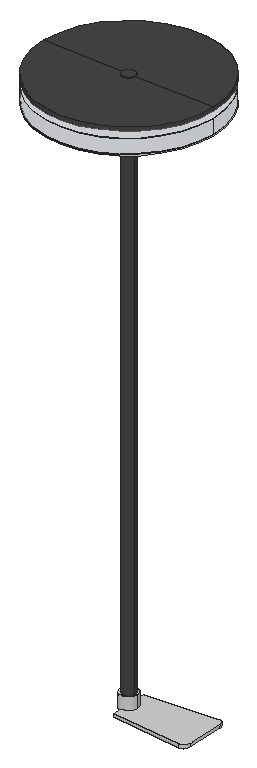
Revit family "Platek_Chiodo Bollard", category Apparecchi per illuminazione, Revit 2017
Family settings
  Quota connettore circolare = Usa diametro
  Tipo di parte = Normale
  Basato su piano di lavoro = No
  Sempre verticale = Sì
  Taglio con vuoti quando caricato = No
  Sorgente d'illuminazione = Sì
  Condiviso = No
  Punto di calcolo locali = No
Parameters (values of type "9402116_12.1W_LED_3000K_H600mm")
  Wattage = 4.44319 W
  Variazione temperatura colore lampada con luminosità attenuata = <Nessuno>
  URL = "www.platek.eu"
  built-in parameter 1150107 = 3000 (stored number, unit not read)
  Supply Voltage Min = 220 V
  Supply Voltage Max = 230 V
  Supply Voltage = 230 V
  Rendi la forma visibile nel rendering = no
  Produttore = "PLATEK SRL"  # constant formula
  Product Page URL = "http://www.platek.eu/ita/catalogo.php?catseaname=chiodo"
  Product Documentation Link = "http://www.platek.eu/ita/catalogo.php?catseaname=chiodo"
  Product Dimension = "D180mm x H600mm"
  Power Supply Unit = "Included"
  Pole = PLK_Pole
  built-in parameter 1150110 = 1 (stored number, unit not read)
  built-in parameter 1150109 = 1 (stored number, unit not read)
  built-in parameter 1114218 = 1 (stored number, unit not read)
  built-in parameter 1150112 = 1 (stored number, unit not read)
  Part of body = PLK_Part of body
  PLATEK FInishes = "Avalaible in black"
  PLATEK Article Code = "9402116"
  Nota chiave = "Plate could fixing on floor; Other Led colors available on request"
  Mounting Type = "Ground"
  Modello = "Chiodo Bollard"  # constant formula
  built-in parameter 1150137 = (empty or 0)
  built-in parameter 1150132 = 2
  Manufacturer Comment = "IP68 Connector excluded to be ordered separately"
  Luminaire Wattage = 12 W
  Luminaire Luminous Intensity = 248 cd
  Luminaire Luminous Flux = 660 lm
  Light Source = PLK_Light Source
  Lampada = "LED"
  LED Protection = "Surge protection included"
  built-in parameter 1150105 = 52.521 (stored number, unit not read)
  built-in parameter 1150102 = (empty or 0)
  Insulation Class = "1"
  Immagine tipo = chiodo_600.jpg
  built-in parameter 1150106 = 0.52521 (stored number, unit not read)
  IP Rating = "IP65"
  IK Rating = "IK 05"
  Height = if(H600, 600 mm, if(H1100, 1100 mm, if(H1700, 1700 mm, 600 mm)))  # 600 mm
  H600 = not(or(H1100, H1700))  # yes
  H1700 = no
  H1100 = no
  Frequency = "50/60 Hz"
  Lumens = 660 lm
  Color Filter = 16777215
  File diagramma fotometrico = "9402116.ies"
  built-in parameter 1114217 = 1 (stored number, unit not read)
  built-in parameter 1150139 = (empty or 0)
  Energy Efficiency Rating = "A/A+/A++"
  Emetti da diametro cerchio = 180 mm  # constant formula
  built-in parameter 1150104 = 13.8 (stored number, unit not read)
  built-in parameter 1150115 = 1 (stored number, unit not read)
  built-in parameter 1150114 = 1 (stored number, unit not read)
  built-in parameter 1150113 = 1 (stored number, unit not read)
  Dimmable = "No"
  Diffuse Type = "Polycarbonate"
  Descrizione = "Outdoor Lighting, ground mounted, garden product"
  Commenti sul tipo = "Suitable for bushes, flower beds, paths, grass"
  Colour Temperature = 3000 K
  built-in parameter 1150134 = (empty or 0)
  built-in parameter 1150138 = (empty or 0)
  Codice assieme = "9402116.01 (Black)"
  Apparent Load = 0 VA
  Cable Lenght = "4,4 (3x1 mm^2)"
  CRI = ">80"
  Body = PLK_Black
  Beam Angle = 95.00°
  Angolo inclinazione = 90.00°
  Aluminium = PLK_Aluminium
  built-in parameter 1150133 = 10 (stored number, unit not read)
Types (3, lengths in mm): name | Product Dimension | PLATEK Article Code | Immagine tipo | Height | H600 | H1700 | H1100 | File diagramma fotometrico | Cable Lenght
  9402116_12.1W_LED_3000K_H600mm | "D180mm x H600mm" | "9402116" | chiodo_600.jpg | 600 | yes | no | no | "9402116.ies" | "4,4 (3x1 mm^2)"
  9402216_12.1W_LED_3000K_H1100mm | "D180mm x H1100mm" | "9402216" | chiodo_1100.jpg | 1100 | no | no | yes | "9402216.ies" | "3,9 (3x1 mm^2)"
  9402316_12.1W_LED_3000K_H1700mm | "D180mm x H1700mm" | "9402316" | chiodo_1700.jpg | 1700 | no | yes | no | "9402316.ies" | "3,3 (3x1 mm^2)"
Reference planes
  plane 1 "Centro (Fronte/Retro)": y = 0
  plane 2: z = 0
  plane 3 "Centro (Sinistra/Destra)": x = 0
  plane 4: z = 600
  plane 5 "LIGHT SOURCE": z = 573
  plane 6: x = 80
  plane 7: y = 20
  plane 8: y = -20
  plane 9: y = 26.5
  plane 10: y = -26.5
  plane 11: x = 74
  plane 12: z = 3
  plane 13: z = 15
  plane 14: x = -9
  plane 15 "2": z = 589
Forms (mm)
  Extrusion 1, solid, material "PLK_Part of body" <- "Part of body", not visible
    sketch origin (0, 0, 0) x (1, 0, 0) y (0, 1, 0)
      loop
        circle (0, 0) r 90
    from 85 to 100
  Revolve 2, solid, material "PLK_Black" <- "Body", not visible
    sketch origin (0, 0, 0) x (1, 0, 0) y (0, 0, 1)
      loop
        line (0, 100) -> (0, 111) -> (-90, 111) -> (-90, 107) -> (-45, 103) -> (-45, 100) -> (0, 100)
      axis (0, 111) -> (0, 100)
    angle from 0 to 360
  Extrusion 3, solid, not visible
    sketch origin (0, 0, 0) x (1, 0, 0) y (0, 1, 0)
      loop
        circle (0, 0) r 90
    from 84 to 85
  Extrusion 4, solid, material "PLK_Part of body" <- "Part of body", detail levels fine
    sketch origin (0, 0, 589) x (-1, 0, 0) y (0, -1, 0)
      loop
        circle (0, 0) r 90
    from -15 to 0
  Revolve 5, solid, material "PLK_Black" <- "Body", detail levels fine
    sketch origin (0, 0, 489) x (1, 0, 0) y (0, 0, 1)
      loop
        line (0, 100) -> (0, 111) -> (-90, 111) -> (-90, 107) -> (-45, 103) -> (-45, 100) -> (0, 100)
      axis (0, 111) -> (0, 100)
    angle from 0 to 360
  Extrusion 6, solid, detail levels medium+fine
    sketch origin (0, 0, 573) x (0, -1, 0) y (1, 0, 0)
      loop
        circle (0, 0) r 90
    from 0 to 1
  Extrusion 7, solid, material "PLK_Pole" <- "Pole", detail levels medium+fine
    sketch origin (0, 0, 597) x (-1, 0, 0) y (0, -1, 0)
      loop
        circle (0, 0) r 6.506
    from -597 to 3
  Extrusion 8, solid, material "PLK_Aluminium" <- "Aluminium", detail levels medium+fine
    sketch origin (0, 0, 597) x (-1, 0, 0) y (0, -1, 0)
      loop
        line (0, -20) -> (0, 20) -> (-74, 26.5)
        arc (-74, 26.5) -> (-78.596, 24.723) -> (-80, 20) r 5.589
        line (-80, 20) -> (-80, -20)
        arc (-80, -20) -> (-78.271, -24.423) -> (-74, -26.5) r 6.521
        line (-74, -26.5) -> (0, -20)
    from -597 to -594
  Revolve 9, solid, material "PLK_Aluminium" <- "Aluminium", detail levels medium+fine
    sketch origin (0, 0, 0) x (1, 0, 0) y (0, 0, 1)
      loop
        line (-9, 15) -> (-9, 0) -> (-6.744, 0) -> (-6.744, 15) -> (-9, 15)
      axis (0, 15) -> (0, 0)
    angle from 0 to 360
  Extrusion 10, solid, material "PLK_Black" <- "Body", detail levels coarse
    sketch origin (0, 0, 597) x (-1, 0, 0) y (0, -1, 0)
      loop
        circle (0, 0) r 90
    from -597 to 3
  Extrusion 11, solid, material "PLK_Black" <- "Body", detail levels medium
    sketch origin (0, 0, 597) x (-1, 0, 0) y (0, -1, 0)
      loop
        circle (0, 0) r 90
    from -24 to 3
Dimensions and locks
  "Height": plane 4 to level
  plane 7 to plane 8 = 40 mm
  equal spacing: plane 7, plane 1 "Centro (Fronte/Retro)", plane 8
  plane 10 to plane 9 = 53 mm
  equal spacing: plane 10, plane 1 "Centro (Fronte/Retro)", plane 9
  plane 3 "Centro (Sinistra/Destra)" to Extrusion 8 = 80 mm
  plane 13 to level = 15 mm
  plane 12 to level = 3 mm
  plane 13 to plane 12 = 12 mm
  locked: plane 4 to plane 15 "2" at 11
  locked: plane 15 "2" to plane 5 "LIGHT SOURCE" at 16
  aligned and locked: level to plane 2
  aligned and locked: Extrusion 7 to level
  aligned and locked: plane 4 to Extrusion 7
  aligned and locked: Extrusion 8 to level
  aligned and locked: Extrusion 8 to plane 12
  aligned and locked: imposter light to plane 1 "Centro (Fronte/Retro)"
  aligned and locked: Revolve 5 to plane 4
  aligned and locked: plane 3 "Centro (Sinistra/Destra)" to imposter light
  aligned and locked: Revolve 9 sketch curve to plane 3 "Centro (Sinistra/Destra)"
  aligned and locked: imposter light to plane 5 "LIGHT SOURCE"
  aligned and locked: plane 4 to Extrusion 10
  aligned and locked: Extrusion 10 to level
  aligned and locked: plane 4 to Extrusion 11
  aligned and locked: plane 5 "LIGHT SOURCE" to Extrusion 11
Automatic sketch dimensions
  Revolve 2 sketch curve to Revolve 2 sketch curve = 30 mm
  Revolve 2 sketch curve to Revolve 2 sketch curve = 45 mm  (x2)
  Revolve 2 sketch curve to Revolve 2 sketch curve = 3 mm
  Revolve 2 sketch curve to Revolve 2 sketch curve = 4 mm
  Revolve 2 sketch curve to Revolve 2 sketch curve = 11 mm
  Revolve 2 sketch curve to Revolve 2 sketch curve = 0 mm
  Revolve 2 sketch curve to Revolve 2 sketch curve = 32.877 mm
  Revolve 5 sketch curve to Revolve 5 sketch curve = 30 mm
  Revolve 5 sketch curve to Revolve 5 sketch curve = 45 mm  (x2)
  Revolve 5 sketch curve to Revolve 5 sketch curve = 3 mm
  Revolve 5 sketch curve to Revolve 5 sketch curve = 4 mm
  Revolve 5 sketch curve to Revolve 5 sketch curve = 11 mm
  Revolve 5 sketch curve to Revolve 5 sketch curve = 0 mm
  Revolve 5 sketch curve to Revolve 5 sketch curve = 32.877 mm
  plane 1 "Centro (Fronte/Retro)" to Extrusion 7 sketch curve = 0 mm
  Extrusion 7 sketch curve to plane 3 "Centro (Sinistra/Destra)" = 0 mm
  Extrusion 8 sketch curve to plane 6 = 0 mm
  plane 10 to Extrusion 8 sketch curve = 0 mm
  Extrusion 8 sketch curve to plane 11 = 0 mm  (x2)
  plane 9 to Extrusion 8 sketch curve = 0 mm
  Extrusion 8 sketch curve to plane 7 = 0 mm  (x2)
  Extrusion 8 sketch curve to plane 3 "Centro (Sinistra/Destra)" = 0 mm
  plane 8 to Extrusion 8 sketch curve = 0 mm
  Extrusion 8 sketch curve to plane 8 = 0 mm
  plane 11 to Extrusion 8 sketch curve = 0.489 mm
  Revolve 9 sketch curve to plane 13 = 0 mm
  Revolve 9 sketch curve to plane 14 = 0 mm
  Revolve 9 sketch curve to level = 0 mm
  Revolve 9 sketch curve to Revolve 9 sketch curve = 2.256 mm
  Revolve 9 sketch curve to level = 3.709 mm
  plane 13 to Revolve 9 sketch curve = 2.058 mm
  Revolve 5 sketch curve to plane 4 = 0 mm
  Revolve 5 sketch curve to plane 3 "Centro (Sinistra/Destra)" = 0 mm
  plane 1 "Centro (Fronte/Retro)" to Extrusion 4 sketch curve = 0 mm
  Extrusion 4 sketch curve to plane 3 "Centro (Sinistra/Destra)" = 0 mm
  plane 1 "Centro (Fronte/Retro)" to Extrusion 6 sketch curve = 0 mm
  Extrusion 6 sketch curve to plane 3 "Centro (Sinistra/Destra)" = 0 mm
  plane 1 "Centro (Fronte/Retro)" to Extrusion 10 sketch curve = 0 mm
  Extrusion 10 sketch curve to plane 3 "Centro (Sinistra/Destra)" = 0 mm
  plane 1 "Centro (Fronte/Retro)" to Extrusion 11 sketch curve = 0 mm
  Extrusion 11 sketch curve to plane 3 "Centro (Sinistra/Destra)" = 0 mm
  radius of Extrusion 1 sketch curve = 90 mm
  radius of Extrusion 3 sketch curve = 90 mm
  radius of Extrusion 7 sketch curve = 6.506 mm
  radius of Extrusion 4 sketch curve = 90 mm
  radius of Extrusion 6 sketch curve = 90 mm
  radius of Extrusion 10 sketch curve = 90 mm
  radius of Extrusion 11 sketch curve = 90 mm
